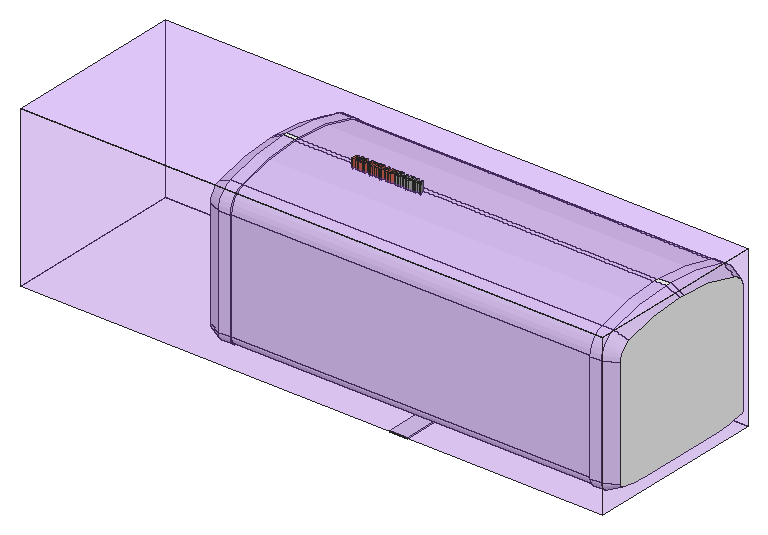
Revit family "Heatrae Sadia Multipoint Eco 30L & 50L H 3kW", category Mechanical Equipment, host Face, Revit 2017
Family settings
  Host = Face
  Round Connector Dimension = Use Diameter
  Part Type = Normal
  OmniClass Number = 23.65.35.11.11
  OmniClass Title = Storage Water Heaters
  Cut with Voids When Loaded = No
  Shared = No
  Room Calculation Point = No
Parameters (values of type "Multipoint Eco 50L H 3kW")
  Width = NominalLength - 12 mm  # 343 mm
  Weight = "21 kg"
  WaterStorageCapacity = "50 L"
  WaterInletTemperatureRange = "n/a"
  WarrantyStartDate [instance] = "1900-12-31T23:59:59"
  WarrantyGuarantorParts = "customer.support@heatraesadia.com"
  WarrantyGuarantorLabor = "n/a"
  WarrantyDurationUnit = "year"
  WarrantyDurationParts = "2"
  WarrantyDurationLabor = "n/a"
  WarrantyDescription = "n/a"
  Version = "2"  # constant formula
  Uniclass2015Version = "Products v1.7"
  Uniclass2015Title = "Electric storage water heaters"
  Uniclass2015Code = "Pr_60_60_96_28"
  ThirdPartyCertification = "EN55014-1:2017, EN55014-2:2015, EN60335-1:2012;A11:2014;A13:2017, EN60335-2-21:2003+A1:2005+A2:2008, EN61000-3-2:2014 & EN61000-3-3:2013, EN62233:2008, EN50440, EN60379"
  TemperatureAndPressureReliefValveConnectionDiameter = 15 mm  # constant formula
  TagNumber [instance] = "n/a"
  SustainabilityPerformance = "n/a"
  SupportPosition = 94 mm
  WaterConnectionPosition = 83 mm
  Standards = "n/a"
  Size = "n/a"
  Shape = "355 x 371 x 911 mm"
  SerialNumber [instance] = "n/a"
  Revision = "n/a"
  ReplacementCost = "n/a"
  Rating = "3 kW"
  RHSClearanceZone = 0 mm
  ProductInformation = "https://www.heatraesadia.com/products/cylinders-and-hot-water/electric-unvented-storage/multipoint"
  PressureReliefValvePosition = 136 mm
  PressureRating = "600 kPa"
  PartialLoadEfficiencyCurves = "n/a"
  OutletTemperatureRange = "10°C to 70°C"
  OperatingMode = "n/a"
  OffsetFromWall = 12 mm  # constant formula
  NominalWidth = 371 mm
  NominalPartLoadRatio = 0 mm
  NominalLength = 355 mm
  NominalHeight = 997 mm
  NominalEnergyConsumption = 6.8 mm
  NominalEfficiency = 40
  Name = "StorageWaterHeaters, Multipoint Eco 50L H 3kW"
  NBSTypeID = "n/a"
  NBSReference = "n/a"
  NBSOfficeMasterTag = "n/a"
  NBSNote = "n/a"
  NBSDescription = "Storage water heaters, electric"
  NBSCertification = "www.nationalbimlibrary.com/cert/wpqzk5cm"
  ModelReference = "Multipoint 50L H 3kW"
  ModelNumber = "n/a"
  Material = NBS_Concept
  ManufacturerURL = "www.heatraesadia.com"
  ManufacturerName = "Heatrae Sadia Heating"  # constant formula
  Manufacturer = "specifier@heatraesadia.com"
  Length = NominalHeight - 86 mm  # 911 mm
  LHSClearanceZone = 300 mm
  IsWaterStorageHeater = yes
  InstallationDate [instance] = "1900-12-31T23:59:59"
  IfcExportType = "USERDEFINED"  # constant formula
  IfcExportAs = "IfcBoilerType"  # constant formula
  HotWaterOutletDiameter = 22 mm  # constant formula
  Height = NominalWidth  # 371 mm
  HeatTransferSurfaceArea = "n/a"
  HeatOutput = 0
  HasTemperatureAndPressureReliefValve = yes
  HasSwitch = yes
  Grade = "n/a"
  FrontClearanceZone = 0 mm
  FlowRate = "20 l/min"
  Finish = "White Enameled Steel"
  Features = "n/a"
  ExpectedLife = "n/a"
  DurationUnit = "year"
  Description = "Unvented water heater"
  Default Elevation = 1200 mm
  Controls = "Smart Thermostatic Control"
  Constituents = "n/a"
  Color = "White"
  ColdWaterInletDiameter = 22 mm  # constant formula
  CodePerformance = "n/a"
  ClearanceZoneMaterial = NBS_ClearanceZone
  ClearanceZone [instance] = yes
  Category = "Pr_60_60_96_28:Electric storage water heaters"
  CasingFinish = "White Enameled Steel"
  Capacity = "50 L"
  BelowClearanceZone = 0 mm
  BarCode [instance] = "n/a"
  BIMObjectName = "Heatrae Sadia Multipoint Eco 50H"
  Author = "NBS"  # constant formula
  AssetType = "Fixed"
  AssetIdentifier [instance] = "n/a"
  Arrangement = "KIWA, NEMKO, CE"
  Accessories = "n/a"
  AccessibilityPerformance = "n/a"
  AboveClearanceZone = 0 mm
Types (3, lengths in mm): name | Width | Weight | WaterStorageCapacity | Shape | NominalLength | NominalHeight | NominalEnergyConsumption | Name | ModelReference | Length | Capacity | BIMObjectName
  (no name) | 343 | "21 kg" | "50 L" | "355 x 371 x 911 mm" | 355 | 997 | 6.8 | "StorageWaterHeaters, Multipoint Eco 50L H 3kW" | "Multipoint 50L H 3kW" | 911 | "50 L" | "Heatrae Sadia Multipoint Eco 50H"
  Multipoint Eco 30L H 3kW | 355 | "14 kg" | "30 L" | "355 x 371 x 626 mm" | 367 | 712 | 2.5 | "StorageWaterHeaters,Electric_Multipoint30LH3kW_HeatraeSadiaHeating" | "Multipoint 30L H 3kW" | 626 | "30 L" | "Heatrae Sadia Multipoint Eco 30H"
  Multipoint Eco 50L H 3kW | 343 | "21 kg" | "50 L" | "355 x 371 x 911 mm" | 355 | 997 | 6.8 | "StorageWaterHeaters, Multipoint Eco 50L H 3kW" | "Multipoint 50L H 3kW" | 911 | "50 L" | "Heatrae Sadia Multipoint Eco 50H"
Reference planes
  plane 1 "Center (Front/Back)": y = 0
  plane 2: z = 0.011
  plane 3 "Center (Left/Right)": x = 0
  plane 4: y = 185.5
  plane 5: y = -185.5
  plane 6: z = 355.011
  plane 7: z = 12.011
  plane 8: x = -455.5
  plane 9: x = -400.5
  plane 10: x = -426.5
  plane 11: x = 455.5
  plane 12: x = 400.5
  plane 13: x = 426.5
  plane 14: z = 95.011
  plane 15: y = 50
  plane 16: y = -50
  plane 17 "Connection": y = 99.5
  plane 18: z = 148.011
  plane 19: y = -107.5
  plane 20: x = -430.5
  plane 21: z = 112.011
  plane 22: z = 127.011
  plane 23: z = 269.011
  plane 24: z = 191.011
  plane 25: z = 122.011
  plane 26: z = 80.011
  plane 27: y = -121.5
  plane 28: x = -471.5
  plane 29: x = -541.5
  plane 30: y = 102.5
  plane 31: y = -102.5
  plane 32 "Above Clearance": y = 185.5
  plane 33 "LHS Clearance": x = -841.5
  plane 34 "Below Clearance": y = -218.5
  plane 35 "RHS Clearance": x = 455.5
  plane 36: y = -218.5
  plane 37 "Front Clearance": z = 355.011
Forms (mm)
  Extrusion 1, solid, material "NBS_Concept" <- "Material", detail levels medium+fine
    sketch origin (0, 0, -82) x (0, 1, 0) y (0, 0, 1)
      loop
        arc (102.5, 94.011) -> (135.474, 95.743) -> (168.086, 100.922) r 314.643
        arc (168.086, 100.922) -> (180.601, 108.598) -> (185.5, 122.439) r 22
        line (185.5, 122.439) -> (185.5, 365.124)
        arc (185.5, 365.124) -> (176.216, 394.144) -> (151.812, 412.388) r 50
        arc (151.812, 412.388) -> (79.431, 430.812) -> (5, 437.011) r 450
        line (5, 437.011) -> (-5, 437.011)
        arc (-5, 437.011) -> (-79.431, 430.812) -> (-151.813, 412.388) r 450
        arc (-151.813, 412.388) -> (-176.216, 394.144) -> (-185.5, 365.124) r 50
        line (-185.5, 365.124) -> (-185.5, 122.439)
        arc (-185.5, 122.439) -> (-180.601, 108.598) -> (-168.086, 100.922) r 22
        arc (-168.086, 100.922) -> (-135.474, 95.743) -> (-102.5, 94.011) r 314.643
        line (-102.5, 94.011) -> (102.5, 94.011)
    from -455.5 to 455.5
  Extrusion 2, solid, material "NBS_Concept" <- "Material", detail levels fine
    sketch origin (0, 0, -82) x (0, 1, 0) y (0, 0, 1)
      loop
        circle (50, 177.011) r 13.5
      loop
        circle (-50, 177.011) r 13.5
      loop
        circle (50, 177.011) r 11
      loop
        circle (-50, 177.011) r 11
    from -471.5 to -455.5
  Extrusion 3, solid, material "NBS_Concept" <- "Material", detail levels medium
    sketch origin (0, 0, -82) x (0, 1, 0) y (0, 0, 1)
      loop
        circle (50, 177.011) r 13.5
      loop
        circle (-50, 177.011) r 13.5
    from -471.5 to -455.5
  Revolve 4, solid, material "NBS_Concept" <- "Material", visible <- "HasTemperatureAndPressureReliefValve", detail levels fine
    sketch origin (0, 99.5, 0) x (0, 0, 1) y (-1, 0, 0)
      loop
        line (148.011, 455.5) -> (161.011, 455.5) -> (161.011, 468.5) -> (162.011, 468.5) -> (162.011, 497.5) -> (164.011, 497.5) -> (164.011, 509.5) -> (162.761, 509.5) -> (162.761, 518.5) -> (161.511, 518.5) -> (161.511, 541.5) -> (148.011, 541.5) -> (148.011, 455.5)
      axis (148.011, 541.5) -> (148.011, 455.5)
    angle from 0 to 360
  Revolve 5, solid, material "NBS_Concept" <- "Material", visible <- "HasTemperatureAndPressureReliefValve", detail levels medium
    sketch origin (0, 99.5, -82) x (0, 0, 1) y (-1, 0, 0)
      loop
        line (230.011, 455.5) -> (244.011, 455.5) -> (244.011, 497.5) -> (246.011, 497.5) -> (246.011, 518.5) -> (243.511, 518.5) -> (243.511, 541.5) -> (230.011, 541.5) -> (230.011, 455.5)
      axis (230.011, 541.5) -> (230.011, 455.5)
    angle from 0 to 360
  Revolve 6, solid, material "NBS_Concept" <- "Material", visible <- "HasTemperatureAndPressureReliefValve", detail levels coarse
    sketch origin (0, 99.5, -82) x (0, 0, 1) y (-1, 0, 0)
      loop
        line (230.011, 455.5) -> (244.011, 455.5) -> (244.011, 497.5) -> (246.011, 497.5) -> (246.011, 541.5) -> (230.011, 541.5) -> (230.011, 455.5)
      axis (230.011, 541.5) -> (230.011, 455.5)
    angle from 0 to 360
  Extrusion 7, solid, material "NBS_Concept" <- "Material", detail levels fine
    sketch origin (0, 0, -82) x (0, 1, 0) y (0, 0, 1)
      loop
        circle (0, 273.011) r 13
      loop
        circle (0, 273.011) r 11
      loop
        circle (0, 273.011) r 9
    from -457.5 to -455.5
  Extrusion 8, void
    sketch origin (0, 190.138, -137.009) x (0, 1, 0) y (0, 0, 1)
      loop
        line (-269.138, 259.02) -> (-326.138, 259.02) -> (-326.138, 217.02) -> (-344.358, 149.02) -> (-250.917, 149.02) -> (-269.138, 217.02) -> (-269.138, 259.02)
    from -455.5 to -430.5
  Extrusion 9, solid, material "NBS_Concept" <- "Material", detail levels medium+fine
    sketch origin (0, 0, 0) x (1, 0, 0) y (0, 1, 0)
      loop
        circle (-442.5, -121.5) r 12
    from 80.011 to 122.011
  Extrusion 10, solid, material "NBS_Concept" <- "Material", visible <- "HasTemperatureAndPressureReliefValve", detail levels fine
    sketch origin (0, 0, 0) x (1, 0, 0) y (0, 1, 0)
      loop
        circle (-491.5, 99.5) r 7.5
      loop
        line (-498.5, 111.624) -> (-505.5, 99.5) -> (-498.5, 87.376) -> (-484.5, 87.376) -> (-477.5, 99.5) -> (-484.5, 111.624) -> (-498.5, 111.624)
    from 112.011 to 127.011
  Extrusion 11, solid, material "NBS_Concept" <- "Material", visible <- "HasTemperatureAndPressureReliefValve", detail levels medium+fine
    sketch origin (0, 0, 0) x (1, 0, 0) y (0, 1, 0)
      loop
        circle (-491.5, 99.5) r 10.5
    from 127.011 to 148.011
  Extrusion 12, solid, material "NBS_Concept" <- "Material", visible <- "HasTemperatureAndPressureReliefValve", detail levels medium
    sketch origin (0, 0, 0) x (1, 0, 0) y (0, 1, 0)
      loop
        line (-498.5, 111.624) -> (-505.5, 99.5) -> (-498.5, 87.376) -> (-484.5, 87.376) -> (-477.5, 99.5) -> (-484.5, 111.624) -> (-498.5, 111.624)
    from 112.011 to 127.011
  Extrusion 13, solid, material "NBS_Concept" <- "Material", detail levels fine
    sketch origin (0, 0, 0) x (0, 1, 0) y (0, 0, 1)
      loop
        line (-127.5, 0) -> (-117.489, 10.011) -> (-32.5, 10.011) -> (-32.5, 12.011) -> (-118.318, 12.011) -> (-128.328, 2) -> (-218.5, 2) -> (-218.5, 0) -> (-127.5, 0)
    from -20 to 20
  Extrusion 14, solid, material "NBS_Concept" <- "Material", detail levels fine
    sketch origin (1226.347, 99.5, 586.702) x (0, 0, 1) y (-1, 0, 0)
      loop
        line (-586.702, 956.347) -> (-583.702, 956.347) -> (-583.702, 982.105) -> (-574.702, 991.105) -> (-574.702, 1092.59) -> (-583.702, 1101.59) -> (-583.702, 1151.105) -> (-574.702, 1160.105) -> (-574.702, 1292.59) -> (-583.702, 1301.59) -> (-583.702, 1351.105) -> (-574.702, 1360.105) -> (-574.702, 1461.59) -> (-583.702, 1470.59) -> (-583.702, 1496.347) -> (-586.702, 1496.347) -> (-586.702, 1469.347) -> (-577.702, 1460.347) -> (-577.702, 1361.347) -> (-586.702, 1352.347) -> (-586.702, 1300.347) -> (-577.702, 1291.347) -> (-577.702, 1161.347) -> (-586.702, 1152.347) -> (-586.702, 1100.347) -> (-577.702, 1091.347) -> (-577.702, 992.347) -> (-586.702, 983.347) -> (-586.702, 956.347)
    from 8 to 40
  Sweep 15, void
    path in 3D
      loop
        arc (455.5, 102.5, 12.011) -> (455.5, 135.474, 13.743) -> (455.5, 168.086, 18.922) r 314.643
        arc (455.5, 168.086, 18.922) -> (455.5, 180.601, 26.598) -> (455.5, 185.5, 40.439) r 22
        line (455.5, 185.5, 40.439) -> (455.5, 185.5, 283.124)
        arc (455.5, 185.5, 283.124) -> (455.5, 176.216, 312.144) -> (455.5, 151.812, 330.388) r 50
        arc (455.5, 151.812, 330.388) -> (455.5, 79.431, 348.812) -> (455.5, 5, 355.011) r 450
        line (455.5, 5, 355.011) -> (455.5, -5, 355.011)
        arc (455.5, -5, 355.011) -> (455.5, -79.431, 348.812) -> (455.5, -151.813, 330.388) r 450
        arc (455.5, -151.813, 330.388) -> (455.5, -176.216, 312.144) -> (455.5, -185.5, 283.124) r 50
        line (455.5, -185.5, 283.124) -> (455.5, -185.5, 40.439)
        arc (455.5, -185.5, 40.439) -> (455.5, -180.601, 26.598) -> (455.5, -168.086, 18.922) r 22
        arc (455.5, -168.086, 18.922) -> (455.5, -135.474, 13.743) -> (455.5, -102.5, 12.011) r 314.643
    profile origin (455.5, 185.5, 161.781) x (0, -1, 0) y (1, 0, 0)
      loop
        line (-10, 0) -> (-10, -911) -> (15, -911) -> (0, -882) -> (0, -856) -> (2, -856) -> (2, -55) -> (0, -55) -> (0, -29) -> (15, 0) -> (-10, 0)
  Extrusion 16, void
    sketch origin (0, 99.5, 0) x (0, 0, 1) y (-1, 0, 0)
      loop
        line (12.011, -426.5) -> (12.011, -400.5) -> (14.011, -400.5) -> (14.011, 400.5) -> (12.011, 400.5) -> (12.011, 426.5) -> (27.011, 455.5) -> (0.011, 455.5) -> (0.011, -455.5) -> (27.011, -455.5) -> (12.011, -426.5)
    from -3 to 202
  Extrusion 17, solid, material "NBS_Concept" <- "Material", detail levels coarse
    sketch origin (0, 0, 0) x (0, 1, 0) y (0, 0, 1)
      loop
        line (-185.5, 0.011) -> (185.5, 0.011) -> (185.5, 317.224)
        arc (185.5, 317.224) -> (97.206, 345.463) -> (5, 355.011) r 450
        line (5, 355.011) -> (-5, 355.011)
        arc (-5, 355.011) -> (-97.206, 345.463) -> (-185.5, 317.224) r 450
        line (-185.5, 317.224) -> (-185.5, 0.011)
    from -455.5 to 455.5
  Extrusion 18, solid, material "NBS_Concept" <- "Material", detail levels medium
    sketch origin (0, 0, 0) x (1, 0, 0) y (0, 1, 0)
      loop
        line (-270, 91.5) -> (-270, 59.5) -> (270, 59.5) -> (270, 91.5) -> (-270, 91.5)
      loop
        line (-20, -32.5) -> (-20, -218.5) -> (20, -218.5) -> (20, -32.5) -> (-20, -32.5)
    from 0.011 to 12.011
  Extrusion 19, solid, material "NBS_ClearanceZone", visible <- "ClearanceZone"
    sketch origin (0, 0, 0) x (1, 0, 0) y (0, 1, 0)
      loop
        line (-841.5, 185.5) -> (-841.5, -218.5) -> (455.5, -218.5) -> (455.5, 185.5) -> (-841.5, 185.5)
    from 0.011 to 355.011
Cuts and joins
  Extrusion 8, Sweep 15, Extrusion 16 cuts Extrusion 1
Lines and regions (mm)
  sketch lines
    curve 1: line (455.5, 185.5, 40.439) -> (455.5, 185.5, 283.124)
    curve 2: arc (455.5, 151.812, 330.388) -> (455.5, 176.216, 312.144) -> (455.5, 185.5, 283.124) r 50
    curve 3: arc (455.5, 5, 355.011) -> (455.5, 79.431, 348.812) -> (455.5, 151.812, 330.388) r 450
    curve 4: line (455.5, 5, 355.011) -> (455.5, -5, 355.011)
    curve 5: arc (455.5, -151.813, 330.388) -> (455.5, -79.431, 348.812) -> (455.5, -5, 355.011) r 450
    curve 6: arc (455.5, -185.5, 283.124) -> (455.5, -176.216, 312.144) -> (455.5, -151.813, 330.388) r 50
    curve 7: line (455.5, -185.5, 283.124) -> (455.5, -185.5, 40.439)
    curve 8: arc (455.5, -168.086, 18.922) -> (455.5, -180.601, 26.598) -> (455.5, -185.5, 40.439) r 22
    curve 9: arc (455.5, -102.5, 12.011) -> (455.5, -135.474, 13.743) -> (455.5, -168.086, 18.922) r 314.643
    curve 10: arc (455.5, 185.5, 40.439) -> (455.5, 180.601, 26.598) -> (455.5, 168.086, 18.922) r 22
    curve 11: arc (455.5, 168.086, 18.922) -> (455.5, 135.474, 13.743) -> (455.5, 102.5, 12.011) r 314.643
  symbolic lines, style "Zones", visible <- "ClearanceZone"
    curve 12: line (-841.5, 185.5, 0) -> (455.5, 185.5, 0)
    curve 13: line (-841.5, -218.5, 0) -> (-841.5, 185.5, 0)
    curve 14: line (455.5, -218.5, 0) -> (-841.5, -218.5, 0)
    curve 15: line (455.5, 185.5, 0) -> (455.5, -218.5, 0)
    curve 16: line (-841.5, 99.5, 355.011) -> (455.5, 99.5, 355.011)
    curve 17: line (-841.5, 99.5, 0.011) -> (-841.5, 99.5, 355.011)
    curve 18: line (455.5, 99.5, 0.011) -> (-841.5, 99.5, 0.011)
    curve 19: line (455.5, 99.5, 355.011) -> (455.5, 99.5, 0.011)
    curve 20: line (0, 185.5, 355.011) -> (0, -218.5, 355.011)
    curve 21: line (0, 185.5, 0.011) -> (0, 185.5, 355.011)
    curve 22: line (0, -218.5, 0.011) -> (0, 185.5, 0.011)
    curve 23: line (0, -218.5, 355.011) -> (0, -218.5, 0.011)
Dimensions and locks
  equal spacing: plane 4, plane 1 "Center (Front/Back)", plane 5
  "Height": plane 4 to plane 5
  "Width": plane 7 to plane 6
  plane 9 to plane 10 to plane 8 = 26 mm locked, 29 mm locked
  plane 12 to plane 13 to plane 11 = 26 mm locked, 29 mm locked
  "WaterConnectionPosition": plane 14 to plane 7
  plane 15 to plane 1 "Center (Front/Back)" to plane 16 = 50 mm locked, 50 mm locked
  "PressureReliefValvePosition": plane 18 to plane 7
  locked: plane 10 to plane 20 at 4
  plane 18 to plane 22 to plane 21 = 21 mm locked, 15 mm locked
  plane 24 to plane 23 to plane 6 = 78 mm locked, 86 mm locked
  plane 25 to plane 26 to plane 7 = 42 mm locked, 68 mm locked
  locked: plane 19 to plane 27 at 14
  locked: plane 8 to Extrusion 9 sketch curve at 13
  "OffsetFromWall": plane 2 to plane 7
  equal spacing: plane 11, plane 3 "Center (Left/Right)", plane 8
  "Length": plane 11 to plane 8
  locked: plane 8 to Extrusion 7 at 2
  Extrusion 14 sketch curve to Extrusion 14 sketch curve to Extrusion 14 sketch curve to Extrusion 14 sketch curve to Extrusion 14 sketch curve to Extrusion 14 sketch curve to Extrusion 14 sketch curve to Extrusion 14 sketch curve to Extrusion 14 sketch curve to Extrusion 14 sketch curve to Extrusion 14 sketch curve to Extrusion 14 sketch curve to Extrusion 14 sketch curve to plane 3 "Center (Left/Right)" to Extrusion 14 sketch curve to Extrusion 14 sketch curve to Extrusion 14 sketch curve to Extrusion 14 sketch curve to Extrusion 14 sketch curve to Extrusion 14 sketch curve to Extrusion 14 sketch curve to Extrusion 14 sketch curve to Extrusion 14 sketch curve to Extrusion 14 sketch curve to Extrusion 14 sketch curve to Extrusion 14 sketch curve to Extrusion 14 sketch curve = 25.757 mm locked, 1.243 mm locked, 7.757 mm locked, 1.243 mm locked, 99 mm locked, 1.243 mm locked, 7.757 mm locked, 1.243 mm locked, 49.515 mm locked, 1.243 mm locked, 7.757 mm locked, 1.243 mm locked, 65 mm locked, 65 mm locked, 1.243 mm locked, 7.757 mm locked, 1.243 mm locked, 49.515 mm locked, 1.243 mm locked, 7.757 mm locked, 1.243 mm locked, 99 mm locked, 1.243 mm locked, 7.757 mm locked, 1.243 mm locked, 25.757 mm locked
  plane 8 to plane 28 to plane 29 = 16 mm locked, 70 mm locked
  locked: Extrusion 11 sketch curve to plane 8 at 36
  Extrusion 12 sketch curve to Extrusion 12 sketch curve to Extrusion 12 sketch curve to Extrusion 12 sketch curve to Extrusion 12 sketch curve to Extrusion 12 sketch curve to plane 8 = 7 mm locked, 0 mm locked, 14 mm locked, 0 mm locked, 7 mm locked, 22 mm locked
  Extrusion 10 sketch curve to Extrusion 10 sketch curve to Extrusion 10 sketch curve to Extrusion 10 sketch curve to Extrusion 10 sketch curve to Extrusion 10 sketch curve to Extrusion 10 sketch curve to plane 8 = 7 mm locked, 0 mm locked, 7 mm locked, 7 mm locked, 0 mm locked, 7 mm locked, 22 mm locked
  plane 4 to Extrusion 1 sketch curve to Extrusion 1 sketch curve = 50 mm locked, 33 mm locked
  Extrusion 1 sketch curve to Extrusion 1 sketch curve to plane 5 = 33 mm locked, 50 mm locked
  plane 4 to Extrusion 1 sketch curve to Extrusion 1 sketch curve = 22 mm locked, 61 mm locked
  Extrusion 1 sketch curve to Extrusion 1 sketch curve to plane 5 = 61 mm locked, 22 mm locked
  locked: plane 4 to Extrusion 1 sketch curve at 180.5  (x2)
  locked: Extrusion 1 sketch curve to plane 5 at 180.5  (x2)
  locked: Extrusion 1 sketch curve to plane 6 at 71.887  (x2)
  locked: Extrusion 1 sketch curve to plane 6 at 450  (x2)
  plane 7 to Extrusion 1 sketch curve to Extrusion 1 sketch curve = 28.428 mm locked, 286.215 mm locked  (x2)
  Extrusion 8 sketch curve to Extrusion 8 sketch curve to plane 19 to Extrusion 8 sketch curve to Extrusion 8 sketch curve = 18.221 mm locked, 28.5 mm locked, 28.5 mm locked, 18.221 mm locked
  locked: plane 4 to Sweep 15 sketch curve at 10
  locked: Sweep 15 sketch curve to plane 4 at 2
  locked: Sweep 15 sketch curve to plane 4 at 15  (x2)
  locked: Extrusion 16 sketch curve to plane 7 at 15  (x2)
  locked: Extrusion 16 sketch curve to plane 7 at 2
  locked: plane 4 to plane 30 at 83
  locked: plane 31 to plane 5 at 83
  locked: plane 4 to Extrusion 17 sketch curve at 180.5  (x2)
  locked: Extrusion 17 sketch curve to plane 5 at 180.5  (x2)
  locked: Extrusion 17 sketch curve to plane 6 at 37.787  (x2)
  locked: Extrusion 17 sketch curve to plane 6 at 450  (x2)
  Extrusion 18 sketch curve to plane 3 "Center (Left/Right)" to Extrusion 18 sketch curve = 270 mm locked, 270 mm locked
  Extrusion 18 sketch curve to plane 3 "Center (Left/Right)" to Extrusion 18 sketch curve = 20 mm locked, 20 mm locked
  Extrusion 18 sketch curve to plane 5 to Extrusion 18 sketch curve = 153 mm locked, 33 mm locked
  Extrusion 13 sketch curve to Extrusion 13 sketch curve to Extrusion 13 sketch curve to Extrusion 13 sketch curve to Extrusion 13 sketch curve to plane 5 to Extrusion 13 sketch curve = 84.989 mm locked, 0.828 mm locked, 9.182 mm locked, 0.828 mm locked, 57.172 mm locked, 33 mm locked
  Extrusion 12 sketch curve to plane 17 "Connection" to Extrusion 12 sketch curve = 12.124 mm locked, 12.124 mm locked
  Extrusion 10 sketch curve to plane 17 "Connection" to Extrusion 10 sketch curve = 12.124 mm locked, 12.124 mm locked
  locked: plane 4 to plane 17 "Connection" at 86
  "SupportPosition": Extrusion 14 to plane 4
  locked: Extrusion 14 to Extrusion 14 at 32
  locked: Extrusion 18 sketch curve to Extrusion 18 sketch curve at 32
  "SupportPosition": Extrusion 18 sketch curve to plane 4
  locked: plane 19 to plane 5 at 78
  "LHSClearanceZone": plane 33 "LHS Clearance" to plane 29
  "RHSClearanceZone": plane 11 to plane 35 "RHS Clearance"
  "AboveClearanceZone": plane 32 "Above Clearance" to plane 4
  locked: plane 36 to plane 5 at 33
  "BelowClearanceZone": plane 34 "Below Clearance" to plane 36
  "FrontClearanceZone": plane 37 "Front Clearance" to plane 6
  radius of Extrusion 1 sketch curve = 314.643 mm  (x2)
  radius of Extrusion 1 sketch curve = 22 mm  (x2)
  radius of Extrusion 1 sketch curve = 50 mm  (x2)
  radius of Extrusion 1 sketch curve = 450 mm  (x2)
  radius of Extrusion 17 sketch curve = 450 mm  (x2)
  aligned and locked: plane 2 to host face
  aligned and locked: level to host face
  aligned and locked: plane 8 to Extrusion 2
  aligned and locked: plane 8 to Extrusion 3
  aligned and locked: plane 15 to Extrusion 3 sketch curve
  aligned and locked: plane 14 to Extrusion 3 sketch curve  (x2)
  aligned and locked: plane 16 to Extrusion 3 sketch curve
  aligned and locked: plane 14 to Extrusion 2 sketch curve  (x4)
  aligned and locked: plane 16 to Extrusion 2 sketch curve  (x2)
  aligned and locked: plane 15 to Extrusion 2 sketch curve  (x2)
  aligned and locked: Revolve 4 sketch curve to plane 18
  aligned and locked: plane 8 to Extrusion 7
  aligned and locked: plane 7 to Extrusion 8 sketch curve
  aligned and locked: Extrusion 8 to plane 8
  aligned and locked: plane 20 to Extrusion 8
  aligned and locked: plane 18 to Extrusion 11
  aligned and locked: plane 22 to Extrusion 11
  aligned and locked: Extrusion 12 to plane 22
  aligned and locked: Extrusion 10 to plane 22
  aligned and locked: plane 21 to Extrusion 10
  aligned and locked: plane 21 to Extrusion 12
  aligned and locked: plane 1 "Center (Front/Back)" to Extrusion 7 sketch curve  (x3)
  aligned and locked: plane 24 to Extrusion 7 sketch curve  (x3)
  aligned and locked: plane 25 to Extrusion 9
  aligned and locked: plane 26 to Extrusion 8 sketch curve  (x2)
  aligned and locked: Extrusion 8 sketch curve to plane 25
  aligned and locked: plane 27 to Extrusion 9 sketch curve
  aligned and locked: Extrusion 2 to plane 28
  aligned and locked: Extrusion 3 to plane 28
  aligned and locked: Revolve 6 sketch curve to plane 29
  aligned and locked: plane 8 to Revolve 6 sketch curve
  aligned and locked: Revolve 4 sketch curve to plane 29
  aligned and locked: plane 8 to Revolve 4 sketch curve
  aligned and locked: Revolve 5 sketch curve to plane 29
  aligned and locked: plane 8 to Revolve 5 sketch curve
  aligned and locked: plane 17 "Connection" to Extrusion 11 sketch curve
  aligned and locked: plane 17 "Connection" to Extrusion 10 sketch curve  (x3)
  aligned and locked: Extrusion 1 to plane 8
  aligned and locked: Extrusion 1 to plane 11
  aligned and locked: Sweep 15 sketch curve to plane 12
  aligned and locked: plane 4 to Sweep 15 sketch curve  (x2)
  aligned and locked: plane 13 to Sweep 15 sketch curve
  aligned and locked: plane 11 to Sweep 15 sketch curve
  aligned and locked: Sweep 15 sketch curve to plane 8
  aligned and locked: plane 10 to Sweep 15 sketch curve
  aligned and locked: Sweep 15 sketch curve to plane 9
  aligned and locked: plane 2 to Extrusion 16 sketch curve
  aligned and locked: plane 11 to Extrusion 16 sketch curve
  aligned and locked: plane 7 to Extrusion 16 sketch curve  (x2)
  aligned and locked: plane 12 to Extrusion 16 sketch curve
  aligned and locked: plane 9 to Extrusion 16 sketch curve
  aligned and locked: plane 8 to Extrusion 16 sketch curve
  aligned and locked: Extrusion 16 to plane 30
  aligned and locked: Extrusion 16 to plane 31
  aligned and locked: plane 2 to Extrusion 17 sketch curve
  aligned and locked: plane 4 to Extrusion 17 sketch curve
  aligned and locked: Extrusion 17 to plane 8
  aligned and locked: Extrusion 17 to plane 11
  aligned and locked: Extrusion 18 to plane 2
  aligned and locked: Extrusion 18 to plane 7
  aligned and locked: plane 17 "Connection" to Extrusion 12 sketch curve  (x2)
  aligned and locked: Extrusion 19 sketch curve to plane 32 "Above Clearance"
  aligned and locked: plane 33 "LHS Clearance" to Extrusion 19 sketch curve
  aligned and locked: plane 34 "Below Clearance" to Extrusion 19 sketch curve
  aligned and locked: Extrusion 19 sketch curve to plane 35 "RHS Clearance"
  aligned and locked: Extrusion 19 to plane 2
  aligned and locked: plane 37 "Front Clearance" to Extrusion 19
  aligned and locked: plane 33 "LHS Clearance" to curve 13
  aligned and locked: curve 12 to plane 32 "Above Clearance"
  aligned and locked: plane 34 "Below Clearance" to curve 14
  aligned and locked: curve 15 to plane 35 "RHS Clearance"
  aligned and locked: plane 33 "LHS Clearance" to curve 17
  aligned and locked: curve 16 to plane 37 "Front Clearance"
  aligned and locked: curve 19 to plane 35 "RHS Clearance"
  aligned and locked: plane 2 to curve 18
  aligned and locked: curve 20 to plane 37 "Front Clearance"
  aligned and locked: curve 21 to plane 32 "Above Clearance"
  aligned and locked: plane 2 to curve 22
  aligned and locked: plane 34 "Below Clearance" to curve 23
  aligned and locked: Extrusion 9 to plane 26
Automatic sketch dimensions
  host sketch curve to host sketch curve = 1000 mm
  host sketch curve to host sketch curve = 500 mm
  Revolve 4 sketch curve to plane 18 = 0 mm
  plane 18 to Revolve 4 sketch curve = 13 mm
  plane 18 to Revolve 4 sketch curve = 13.5 mm
  Revolve 4 sketch curve to Revolve 4 sketch curve = 1 mm
  Revolve 4 sketch curve to Revolve 4 sketch curve = 1.25 mm  (x2)
  plane 28 to Revolve 4 sketch curve = 3 mm
  Revolve 4 sketch curve to plane 28 = 26 mm
  Revolve 4 sketch curve to Revolve 4 sketch curve = 12 mm
  Revolve 4 sketch curve to Revolve 4 sketch curve = 9 mm
  plane 9 to Revolve 4 sketch curve = 74 mm
  Revolve 4 sketch curve to Revolve 4 sketch curve = 40 mm
  Revolve 5 sketch curve to plane 18 = 0 mm  (x2)
  plane 18 to Revolve 5 sketch curve = 13.5 mm
  plane 18 to Revolve 5 sketch curve = 14 mm
  Revolve 5 sketch curve to Revolve 5 sketch curve = 2.5 mm
  Revolve 5 sketch curve to plane 28 = 26 mm
  Revolve 5 sketch curve to Revolve 5 sketch curve = 21 mm
  plane 9 to Revolve 5 sketch curve = 74 mm
  Revolve 5 sketch curve to Revolve 5 sketch curve = 40 mm
  Revolve 6 sketch curve to plane 18 = 0 mm  (x2)
  plane 18 to Revolve 6 sketch curve = 14 mm
  plane 18 to Revolve 6 sketch curve = 16 mm
  Revolve 6 sketch curve to plane 28 = 26 mm
  plane 9 to Revolve 6 sketch curve = 74 mm
  Revolve 6 sketch curve to Revolve 6 sketch curve = 40 mm
  Extrusion 13 sketch curve to level = 0 mm
  plane 7 to Extrusion 13 sketch curve = 0 mm
  plane 2 to Extrusion 13 sketch curve = 1.989 mm
  plane 7 to Extrusion 13 sketch curve = 2 mm
  Extrusion 14 sketch curve to level = 0 mm  (x4)
  plane 2 to Extrusion 14 sketch curve = 2.989 mm  (x4)
  plane 7 to Extrusion 14 sketch curve = 3.011 mm  (x3)
  plane 7 to Extrusion 14 sketch curve = 0.011 mm  (x3)
  plane 13 to Extrusion 16 sketch curve = 0 mm
  Extrusion 16 sketch curve to plane 10 = 0 mm
  radius of Extrusion 2 sketch curve = 13.5 mm  (x2)
  radius of Extrusion 2 sketch curve = 11 mm  (x2)
  radius of Extrusion 3 sketch curve = 13.5 mm  (x2)
  radius of Extrusion 7 sketch curve = 13 mm
  radius of Extrusion 7 sketch curve = 11 mm
  radius of Extrusion 7 sketch curve = 9 mm
  radius of Extrusion 9 sketch curve = 12 mm
  radius of Extrusion 10 sketch curve = 7.5 mm
  radius of Extrusion 11 sketch curve = 10.5 mm
Nested families
  nested 1: "Heatrae Sadia Logo without Premier Plus - for Horizontal Multipoint Eco" at (-175, 0, 313.151), type "Heatrae Sadia Logo without Premier Plus - for Horizontal Multipoint Eco"
Connectors
  piping at (-471.5, -50, 95.011), diameter 22, driven by "ColdWaterInletDiameter"
    settings: on Extrusion 2, index 1, connector inside diameter 609.6 mm, connector length 0 mm, flow factor 0, pipe flow 0.0 L/s, pressure drop 0.0 Pa, fitting loss kfactor 0, connector angle 0.00°, fixture units 0, engagement length 0 mm, angle of deflection 0.00°, flow configuration 0, flow direction 1, fitting loss method 0, system type 20, joint type 0, gender type 0, connector reference index -1, connector utility 0, adjustable connector no, is connector primary yes, connector description "Cold Water Inlet"
  piping at (-471.5, 50, 95.011), diameter 22, driven by "HotWaterOutletDiameter"
    settings: on Extrusion 2, index 2, connector inside diameter 609.6 mm, connector length 0 mm, flow factor 0, pipe flow 0.0 L/s, pressure drop 0.0 Pa, fitting loss kfactor 0, connector angle 0.00°, fixture units 0, engagement length 0 mm, angle of deflection 0.00°, flow configuration 0, flow direction 2, fitting loss method 0, system type 19, joint type 0, gender type 0, connector reference index -1, connector utility 0, adjustable connector no, is connector primary no, connector description "Hot Water Inlet"
  electrical at (-442.5, -121.5, 80.011)
    settings: on Extrusion 9, index 3, voltage 0 V, apparent load 0 VA, apparent load phase1 0 VA, apparent load phase2 0 VA, apparent load phase3 0 VA, power factor 1, load classification "Other", number of poles 1, system type 30, power factor state 1, is connector primary yes, connector utility no, sub classification motor no, connector description ""
  piping at (-491.5, 99.5, 112.011), diameter 15, driven by "TemperatureAndPressureReliefValveConnectionDiameter"
    settings: on Extrusion 10, index 4, connector inside diameter 609.6 mm, connector length 0 mm, flow factor 0, pipe flow 0.0 L/s, pressure drop 0.0 Pa, fitting loss kfactor 0, connector angle 0.00°, fixture units 0, engagement length 0 mm, angle of deflection 0.00°, flow configuration 0, flow direction 2, fitting loss method 0, system type 17, joint type 0, gender type 0, connector reference index -1, connector utility 0, adjustable connector no, is connector primary no, connector description "Pressure Relief Outlet"
Definition of nested family "Heatrae Sadia Logo without Premier Plus - for Horizontal Multipoint Eco"
  Parameters (values of type "Heatrae Sadia Logo without Premier Plus - for Horizontal Multipoint Eco")
    _DistributedBy = "https://www.bimstore.co.uk/"
    _CurrentRevision = 0
    _CreatedBy = "http://www.potterton.co.uk/"
    _BimstoreBibleVersion = ""
    _BimSpecGuid = 0
    _Author = "Trevour Carty"  # constant formula
    WarrantyStartDate = "please record on commissioning"
    WarrantyGuarantorParts = "+44 344 871 1545"  # constant formula
    WarrantyGuarantorLabor = ""
    WarrantyDurationUnit = "years"  # constant formula
    WarrantyDurationParts = "2"  # constant formula
    WarrantyDurationLabor = ""
    WarrantyDescription = "2 Years UK only Labour and parts warranty. Warranty applies to boiler only and integral controls."
    URL = "http://www.potterton.co.uk/"
    TypeName = ""
    Type Comments = ""
    TagNumber = ""
    SpareParts = ""
    Size = ""
    Shape = ""
    SerialNumber = ""
    ReplacementCost = ""
    ReferencedStandard = "ISO 9001"  # constant formula
    ProductionYear = ""
    NominalLength = 0 mm
    NominalHeight = 0 mm
    NominalDepth = 0 mm
    NBSReference = "90-40-05/340"  # constant formula
    NBSOfficeMasterTag = ""
    NBSObjectName = ""
    NBSNote = ""
    NBSDescription = "Gas Fired Condensing Boiler"  # constant formula
    ModelReference = ""
    ModelNumber = ""
    Material = ""
    ManufacturerName = "Potterton"  # constant formula
    Manufacturer = "Potterton"  # constant formula
    Keynote = "T32"
    InstallationDate = "please record on commissioning"
    IfcExportType = ""
    IfcExportAs = ""
    Grade = ""
    Finish = ""
    Features = ""
    Extidentifier = ""
    ExpectedLife = 0
    DurationUnit = "Years"  # constant formula
    DocumentationTechnical = "http://www.potterton.co.uk/products/gas-boilers/promax-ultra.htm"
    DocumentationMaintenance = "http://www.potterton.co.uk/products/gas-boilers/promax-ultra.htm"
    DocumentationLiterature = "http://www.potterton.co.uk/products/gas-boilers/promax-ultra.htm"
    DocumentationInstallationGuide = "http://www.potterton.co.uk/products/gas-boilers/promax-ultra.htm"
    DocumentationCertificates = "http://www.potterton.co.uk/products/gas-boilers/promax-ultra.htm"
    CreatedOn = ""
    CreatedBy = "http://www.potterton.co.uk/"
    Constituents = ""
    Color = ""
    CodePerformance = ""
    ClassificationValue = "Pr_60_60_08_34"  # constant formula
    ClassificationName = "Uniclass2015"  # constant formula
    BarCode = ""
    BIMObjectName = ""
    AssetType = "Fixed"  # constant formula
    AssetIdentifier = ""
    Assembly Code = "D3020100"
    AccessibilityPerformance = ""
  Reference planes
    plane 1 "Center (Front/Back)": y = 0
    plane 2: z = 0
    plane 3 "Center (Left/Right)": x = 0
  Forms (mm)
    Extrusion 1, solid
      sketch origin (12.485, -14.622, -42.691) x (1, 0, 0) y (0, 1, 0)
        loop
          line (-103.129, 10.358) -> (-103.129, -1.678) -> (-99.893, -1.678) -> (-99.893, 4.757) -> (-93.445, 4.757) -> (-93.445, -1.678) -> (-90.092, -1.678) -> (-90.092, 13.484) -> (-93.445, 13.484) -> (-93.445, 8.026) -> (-99.893, 8.026) -> (-99.893, 13.594) -> (-103.129, 10.358)
        loop
          line (-88.861, 13.484) -> (-88.861, -1.678) -> (-78.398, -1.678) -> (-78.398, 1.512) -> (-85.721, 1.512) -> (-85.721, 4.757) -> (-79.237, 4.757) -> (-79.237, 7.198) -> (-85.721, 7.198) -> (-85.721, 10.296) -> (-78.398, 10.296) -> (-78.398, 13.484) -> (-88.861, 13.484)
        loop
          line (-77.726, -1.678) -> (-73.988, -1.678) -> (-72.635, 1.512) -> (-67.172, 1.512) -> (-65.752, -1.678) -> (-62.099, -1.678) -> (-68.849, 13.484) -> (-71.29, 13.484) -> (-77.726, -1.678)
        loop
          line (-60.057, -1.678) -> (-56.603, -1.678) -> (-56.603, 10.296) -> (-52.516, 10.296) -> (-52.516, 13.484) -> (-64.339, 13.484) -> (-64.339, 10.296) -> (-60.057, 10.296) -> (-60.057, -1.678)
        loop
          line (-51.641, 13.484) -> (-51.641, -1.678) -> (-48.43, -1.678) -> (-48.43, 4.295) -> (-46.776, 4.295) -> (-43.6, -1.678) -> (-40.013, -1.678) -> (-43.434, 4.757)
          spline (-43.434, 4.757) -> (-42.458, 5.088) -> (-41.603, 5.695) -> (-40.927, 6.534) -> (-40.476, 7.55) -> (-40.28, 8.673) -> (-40.354, 9.827) -> (-40.692, 10.932) -> (-41.271, 11.914) -> (-42.051, 12.705) -> (-42.98, 13.253) -> (-43.994, 13.518) -> (-45.024, 13.484)
          line (-45.024, 13.484) -> (-51.641, 13.484)
        loop
          line (-48.43, 10.296) -> (-48.43, 7.198) -> (-45.388, 7.198)
          spline (-45.388, 7.198) -> (-44.959, 7.251) -> (-44.56, 7.406) -> (-44.217, 7.652) -> (-43.954, 7.973) -> (-43.789, 8.346) -> (-43.732, 8.747) -> (-43.789, 9.148) -> (-43.954, 9.522) -> (-44.217, 9.843) -> (-44.56, 10.089) -> (-44.959, 10.244) -> (-45.388, 10.296)
          line (-45.388, 10.296) -> (-48.43, 10.296)
        loop
          line (-39.327, -1.678) -> (-36.117, -1.678) -> (-34.764, 1.512) -> (-29.137, 1.512) -> (-27.717, -1.678) -> (-23.7, -1.678) -> (-30.45, 13.484) -> (-32.891, 13.484) -> (-39.327, -1.678)
        loop
          line (-33.492, 4.508) -> (-29.885, 4.508) -> (-31.598, 8.97) -> (-33.492, 4.508)
        loop
          line (-71.723, 4.295) -> (-68.106, 4.295) -> (-69.776, 8.883) -> (-71.723, 4.295)
        loop
          line (-23.299, 13.484) -> (-23.299, -1.678) -> (-16.305, -1.678) -> (-13.116, 1.512) -> (-19.83, 1.512) -> (-19.83, 4.508) -> (-13.619, 4.508) -> (-13.619, 7.198) -> (-19.83, 7.198) -> (-19.83, 10.296) -> (-13.116, 10.296) -> (-13.116, 13.484) -> (-23.299, 13.484)
      from 80 to 100
    Extrusion 2, solid
      sketch origin (0.923, -26.741, -42.309) x (1, 0, 0) y (0, 1, 0)
        loop
          line (17.575, 10.144) -> (18.807, 13.048) -> (24.35, 13.048) -> (25.595, 10.115) -> (28.913, 10.115) -> (22.837, 24.429) -> (20.211, 24.429) -> (14.147, 10.144) -> (17.575, 10.144)
        loop
          line (19.552, 15.74) -> (23.207, 15.74) -> (21.38, 20.045) -> (19.552, 15.74)
        loop
          line (29.67, 24.429) -> (29.67, 10.115) -> (35.414, 10.115)
          spline (35.414, 10.115) -> (37.31, 10.358) -> (39.076, 11.073) -> (40.593, 12.211) -> (41.757, 13.693) -> (42.489, 15.419) -> (42.738, 17.272) -> (42.489, 19.124) -> (41.757, 20.851) -> (40.593, 22.333) -> (39.076, 23.47) -> (37.31, 24.185) -> (35.414, 24.429)
          line (35.414, 24.429) -> (29.67, 24.429)
        loop
          line (32.588, 21.721) -> (32.588, 13.048) -> (35.865, 13.048)
          spline (35.865, 13.048) -> (36.843, 13.196) -> (37.754, 13.629) -> (38.537, 14.318) -> (39.137, 15.216) -> (39.515, 16.262) -> (39.643, 17.384) -> (39.515, 18.507) -> (39.137, 19.552) -> (38.537, 20.451) -> (37.754, 21.14) -> (36.843, 21.573) -> (35.865, 21.721)
          line (35.865, 21.721) -> (32.588, 21.721)
        loop
          line (43.811, 24.429) -> (43.811, 10.115) -> (46.875, 10.115) -> (46.875, 24.429) -> (43.811, 24.429)
        loop
          line (50.766, 10.115) -> (51.885, 13.263) -> (57.664, 13.263) -> (58.879, 10.401) -> (61.143, 12.664) -> (56.149, 24.429) -> (53.485, 24.429) -> (47.409, 10.115) -> (50.766, 10.115)
        loop
          line (52.868, 16.022) -> (56.493, 16.022) -> (54.82, 20.62) -> (52.868, 16.022)
      from 80 to 100
    Extrusion 3, solid
      sketch origin (-28.125, -29.184, -37.309) x (1, 0, 0) y (0, 1, 0)
        loop
          line (32.166, 14.491) -> (33.288, 13.673) -> (34.016, 13.253) -> (35.255, 12.921) -> (36.925, 12.473) -> (38.933, 13.012) -> (40.339, 13.388) -> (41.42, 14.469) -> (41.852, 15.218) -> (42.146, 16.024) -> (42.438, 17.115) -> (41.942, 18.966) -> (41.325, 20.035) -> (40.298, 20.627) -> (39.304, 20.989) -> (38.157, 21.407) -> (36.959, 21.843) -> (35.788, 22.519) -> (36.001, 24.035) -> (36.593, 24.627) -> (37.608, 24.898) -> (38.539, 24.898) -> (40.405, 23.821) -> (42.371, 25.787) -> (41.331, 26.828) -> (40.131, 27.264) -> (39.304, 27.486) -> (37.558, 27.486) -> (36.404, 27.177) -> (35.279, 26.875) -> (34.332, 26.329) -> (33.528, 25.525) -> (33.038, 24.675) -> (32.805, 23.807) -> (32.805, 22.746) -> (33.101, 21.641) -> (33.69, 20.621) -> (34.545, 19.766) -> (35.848, 19.014) -> (37.142, 18.667) -> (38.975, 18.176) -> (39.338, 16.999) -> (38.619, 15.577) -> (37.486, 15.274) -> (35.333, 15.689) -> (34.402, 16.368) -> (32.166, 14.491)
      from 75 to 95
  Lines and regions (mm)
    reference lines
      curve 1: line (-0.015, 0, 59.75) -> (-0.015, 0, -214.75)
  Dimensions and locks
    aligned and locked: level to plane 2
